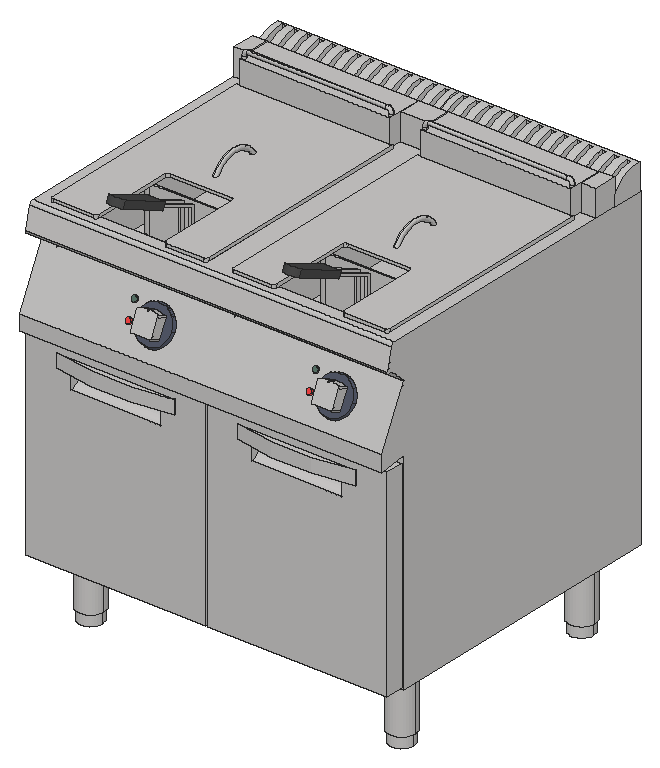
Revit family "QF_ZANUSSI_372085_Z7FREH2FF0", category Specialty Equipment, Revit 2018
Family settings
  Round Connector Dimension = Use Diameter
  Part Type = Normal
  Work Plane-Based = No
  Always vertical = Yes
  Cut with Voids When Loaded = No
  Shared = No
  Room Calculation Point = No
Parameters
  Width = 800 mm  # constant formula
  Weight in Pounds = 179  # constant formula
  Weight = 0.00 kg
  Watts = 17400 W  # constant formula
  Volts = 400 V  # constant formula
  URL Manufacturer = "http://www.zanussiprofessional.com"
  URL Cutsheet = "www.electrolux.com/foodservice"
  URL = "http://www.zanussiprofessional.com"
  Type Mark [instance] = ""
  Steam Supply Size = 0"
  Steam Supply Minimum Pressure = 0.00 psi
  Steam Supply Maximum Pressure = 0.00 psi
  Steam Pounds per Hour = 0
  Status [instance] = ""
  Specification by User [instance] = ""
  Specification by Manufacturer = ""
  Show Logo [instance] = yes
  Show Clearance [instance] = yes
  Serial Number = ""
  Seismic Rating = ""
  SMACNA No = ""
  Revision Code [instance] = ""
  Refrigeration Suction Line Size = 0"
  Refrigeration Liquid Line Size = 0"
  Refrigerant Compressor Remote = yes
  Phase = 3  # constant formula
  Omniclass Number and Title = ""
  Number of Poles [instance] = 1
  NAFEM Spec ID Number = ""
  Model = "Z7FREH2FF0"
  Min Ckt Ampacity = 0 A
  Max Overcurrent Protection = 0 A
  Masterspec = ""
  Manufacturer = "Zanussi"
  Length Actual = 800 mm  # constant formula
  Item Number [instance] = "372085"
  Installed By [instance] = ""
  Identify Quantity as Lot [instance] = yes
  Hot Water Size = 0"
  Height Actual = 850 mm  # constant formula
  Height = 333 mm  # constant formula
  HP = "23.3 HP"
  Gas Size = 0"
  Gas KW = 0
  Gas Input Pressure = 0.0 Btu/h
  Furnished By [instance] = ""
  Foodservice Equipment Identifier [instance] = yes
  FL Amps = if(Phase = 3, Watts / (Volts * 1.73), Watts / Volts)  # 25.1445 A
  Electrical Remarks [instance] = "400 V/3N ph/50/60 Hz"  # constant formula
  Electric Connection Type [instance] = ""
  Elec Conn RI Height [instance] = 0 mm
  Elec Conn Connection Height [instance] = 0 mm
  Direct Waste Size = 0"
  Description = "2X14 LITRE ELECTRIC FRYER 800 MM"
  Depth Actual = 700 mm  # constant formula
  Depth = 715 mm  # constant formula
  Cycle = if([60 Hertz Option], 60 Hz, 50 Hz)  # 60 Hz
  Conn Plug = ""
  Conn Conduit = yes
  Condensate Return Size = 0"
  Compressed Air Volume = 0 GPM
  Compressed Air Size = 0"
  Compressed Air Pressure = 0.00 psi
  Cold Water Size = 0"
  CSI MasterFormat = ""
  CSI Master Format = ""
  Base Height [instance] = 150 mm  # constant formula
  Apparent Power = if(Phase = 3, Volts * FL Amps * 1.73, Volts * FL Amps)  # 17400 VA
  Accessory = yes
  60 Hertz Option = not([50 Hertz Option])  # yes
  50 Hertz Option = no
Reference planes
  plane 1 "BACK": y = 0
  plane 2: z = 0
  plane 3 "LEFT": x = 0
  plane 4 "RIGHT": x = 800
  plane 5 "FRONT": y = -715
  plane 6 "TOP": z = 908.238
  plane 7 "Center Y": x = 400
  plane 8 "Center X": y = -357.5
  plane 9 "BASE": z = 600
  plane 10 "TOP A": z = 850.238
  plane 11: y = -597.884
  plane 12: y = -147.637
  plane 13: z = 942.237
  plane 14: z = 150
Forms (mm)
  Extrusion 1, solid, material "QF_Finishes_Stainless Steel"
    sketch origin (0, 0, 0) x (0, 1, 0) y (0, 0, 1)
      loop
        line (2.618, 850) -> (-676.741, 850)
        arc (-676.741, 850) -> (-682.026, 847.811) -> (-684.215, 842.526) r 7.474
        line (-684.215, 842.526) -> (-697.266, 797.011)
        arc (-697.266, 797.011) -> (-696.778, 794.379) -> (-694.382, 793.184) r 3
        line (-694.382, 793.184) -> (-684.184, 793.184) -> (-652.364, 761.364) -> (-712.382, 640.508) -> (-712.382, 605.508) -> (-656.028, 613.428)
        arc (-656.028, 613.428) -> (-653.483, 612.674) -> (-652.382, 610.259) r 3.2
        line (-652.382, 610.259) -> (-652.382, 150) -> (2.618, 150) -> (2.618, 850)
      loop
        line (-697.382, 600) -> (-697.382, 155) -> (-657.382, 155) -> (-657.382, 600) -> (-697.382, 600)
    from 0 to 800
  Extrusion 2, solid, material "QF_Finishes_Stainless Steel"
    sketch origin (0, 0, 0) x (0, 1, 0) y (0, 0, 1)
      loop
        line (0, 850.237) -> (0, 908.237)
        arc (0, 908.237) -> (-38.715, 900.058) -> (-69.85, 875.637) r 87.358
        line (-69.85, 875.637) -> (-69.85, 850.237) -> (0, 850.237)
    from 0 to 800
  Extrusion 3, void
    sketch origin (0, 0, 850.238) x (-1, 0, 0) y (0, -1, 0)
      loop
        line (-33.338, 147.762) -> (-33.338, 651.981) -> (-373.012, 651.981) -> (-373.012, 147.762) -> (-33.338, 147.762)
      loop
        line (-766.662, 651.981) -> (-766.662, 147.762) -> (-426.988, 147.762) -> (-426.988, 651.981) -> (-766.662, 651.981)
    from 0 to -152.4
  Extrusion 4, void
    sketch origin (0, 0, 850.238) x (-1, 0, 0) y (0, -1, 0)
      loop
        line (-13.453, 6.761) -> (-13.453, 63.911) -> (-22.749, 63.911) -> (-22.749, 6.761) -> (-13.453, 6.761)
    from 25.4 to 63.5
  Extrusion 5, solid, material "QF_Finishes_Clearance", visible <- "Show Clearance", detail levels coarse
    sketch origin (0, 0, 0) x (1, 0, 0) y (0, 1, 0)
      loop
        line (0, -715) -> (0, 0) -> (800, 0) -> (800, -715) -> (950.019, -715) -> (950.019, 150.019) -> (-150.019, 150.019) -> (-150.019, -715) -> (0, -715)
    from 0 to 908.237
  Extrusion 6, solid, material "QF_Finishes_Stainless Steel"
    sketch origin (-77.88, -4572, 850.238) x (-1, 0, 0) y (0, -1, 0)
      loop
        arc (-104.867, -3916.238) -> (-106.727, -3911.748) -> (-111.217, -3909.888) r 6.35
        line (-111.217, -3909.888) -> (-200.117, -3909.888)
        arc (-200.117, -3909.888) -> (-204.607, -3911.748) -> (-206.467, -3916.238) r 6.35
        line (-206.467, -3916.238) -> (-206.467, -4098.488)
        arc (-206.467, -4098.488) -> (-208.327, -4102.979) -> (-212.817, -4104.838) r 6.35
        line (-212.817, -4104.838) -> (-349.292, -4104.838)
        arc (-349.292, -4104.838) -> (-353.782, -4102.979) -> (-355.642, -4098.488) r 6.35
        line (-355.642, -4098.488) -> (-355.642, -3916.238)
        arc (-355.642, -3916.238) -> (-357.502, -3911.748) -> (-361.992, -3909.888) r 6.35
        line (-361.992, -3909.888) -> (-444.542, -3909.888)
        arc (-444.542, -3909.888) -> (-449.032, -3911.748) -> (-450.892, -3916.238) r 6.35
        line (-450.892, -3916.238) -> (-450.892, -4424.238) -> (-104.867, -4424.238) -> (-104.867, -3916.238)
      loop
        line (-850.892, -3916.238) -> (-850.892, -4424.238) -> (-504.867, -4424.238) -> (-504.867, -3916.238)
        arc (-504.867, -3916.238) -> (-506.727, -3911.748) -> (-511.217, -3909.888) r 6.35
        line (-511.217, -3909.888) -> (-593.767, -3909.888)
        arc (-593.767, -3909.888) -> (-598.257, -3911.748) -> (-600.117, -3916.238) r 6.35
        line (-600.117, -3916.238) -> (-600.117, -4098.488)
        arc (-600.117, -4098.488) -> (-601.977, -4102.979) -> (-606.467, -4104.838) r 6.35
        line (-606.467, -4104.838) -> (-742.942, -4104.838)
        arc (-742.942, -4104.838) -> (-747.432, -4102.979) -> (-749.292, -4098.488) r 6.35
        line (-749.292, -4098.488) -> (-749.292, -3916.238)
        arc (-749.292, -3916.238) -> (-751.152, -3911.748) -> (-755.642, -3909.888) r 6.35
        line (-755.642, -3909.888) -> (-844.542, -3909.888)
        arc (-844.542, -3909.888) -> (-849.032, -3911.748) -> (-850.892, -3916.238) r 6.35
    from 0 to 6.35
  Extrusion 7, solid, material "QF_Finishes_Black"
    sketch origin (271.462, -708.83, 942.26) x (0, 0.906308, -0.422618) y (-1, 0, 0)
      loop
        line (10.103, 47.37) -> (128.716, 47.37) -> (128.716, 84.605) -> (10.103, 84.605)
        arc (10.103, 84.605) -> (-0.124, 65.987) -> (10.103, 47.37) r 22.059
    from -15.884 to 0
  Extrusion 8, solid, material "QF_Finishes_Stainless Steel"
    sketch origin (271.463, 41.275, 0) x (0, 1, 0) y (0, 0, 1)
      loop
        line (-547.91, 741.238) -> (-547.91, 842.715) -> (-635.463, 883.542) -> (-638.147, 877.787) -> (-554.26, 838.67) -> (-554.26, 741.238) -> (-547.91, 741.238)
    from -80.476 to -74.619
  Extrusion 9, solid, material "QF_Finishes_Stainless Steel"
    sketch origin (139.588, 41.275, 0) x (0, 1, 0) y (0, 0, -1)
      loop
        line (-554.26, -838.67) -> (-638.147, -877.787) -> (-635.463, -883.542) -> (-547.91, -842.715) -> (-547.91, -741.238) -> (-554.26, -741.238) -> (-554.26, -838.67)
    from -80.476 to -74.619
  Sweep 10, solid, material "QF_Finishes_Stainless Steel"
    path origin (200.025, -0.124, 0) x (0, 1, 0) y (0, 0, 1)
      loop
        arc (-315.761, 850.238) -> (-370.2, 884.016) -> (-424.639, 850.238) r 60.757
    profile origin (200.025, -370.324, 884.016) x (0, 0, -1) y (1, 0, 0)
      loop
        circle (0, 0) r 4.353
  Sweep 11, solid, material "QF_Finishes_Stainless Steel"
    path origin (600.075, -0.124, 0) x (0, 1, 0) y (0, 0, -1)
      loop
        arc (-315.761, -850.238) -> (-370.2, -884.016) -> (-424.639, -850.238) r 60.757
    profile origin (600.075, -370.324, 884.016) x (0, 0, 1) y (-1, 0, 0)
      loop
        circle (0, 0) r 4.353
  Extrusion 12, solid, material "QF_Finishes_Black"
    sketch origin (528.637, -708.83, 942.26) x (0, 0.906308, -0.422618) y (-1, 0, 0)
      loop
        arc (10.103, -47.27) -> (-0.124, -65.887) -> (10.103, -84.505) r 22.059
        line (10.103, -84.505) -> (128.716, -84.505) -> (128.716, -47.27) -> (10.103, -47.27)
    from -15.884 to 0
  Extrusion 13, solid, material "QF_Finishes_Mesh"
    sketch origin (0, 0, 850.238) x (-1, 0, 0) y (0, -1, 0)
      loop
        arc (-116.625, 189.135) -> (-98.665, 196.575) -> (-91.225, 214.535) r 25.4
        line (-91.225, 214.535) -> (-91.225, 473.61)
        arc (-91.225, 473.61) -> (-98.665, 491.571) -> (-116.625, 499.01) r 25.4
        line (-116.625, 499.01) -> (-294.375, 499.01)
        arc (-294.375, 499.01) -> (-312.336, 491.571) -> (-319.775, 473.61) r 25.4
        line (-319.775, 473.61) -> (-319.775, 214.535)
        arc (-319.775, 214.535) -> (-312.336, 196.575) -> (-294.375, 189.135) r 25.4
        line (-294.375, 189.135) -> (-116.625, 189.135)
      loop
        arc (-116.625, 192.31) -> (-100.91, 198.82) -> (-94.4, 214.535) r 22.225
        line (-94.4, 214.535) -> (-94.4, 473.61)
        arc (-94.4, 473.61) -> (-100.91, 489.326) -> (-116.625, 495.835) r 22.225
        line (-116.625, 495.835) -> (-294.375, 495.835)
        arc (-294.375, 495.835) -> (-310.091, 489.326) -> (-316.6, 473.61) r 22.225
        line (-316.6, 473.61) -> (-316.6, 214.535)
        arc (-316.6, 214.535) -> (-310.091, 198.82) -> (-294.375, 192.31) r 22.225
        line (-294.375, 192.31) -> (-116.625, 192.31)
      loop
        line (-683.375, 189.135) -> (-505.625, 189.135)
        arc (-505.625, 189.135) -> (-487.664, 196.575) -> (-480.225, 214.535) r 25.4
        line (-480.225, 214.535) -> (-480.225, 473.61)
        arc (-480.225, 473.61) -> (-487.664, 491.571) -> (-505.625, 499.01) r 25.4
        line (-505.625, 499.01) -> (-683.375, 499.01)
        arc (-683.375, 499.01) -> (-701.335, 491.571) -> (-708.775, 473.61) r 25.4
        line (-708.775, 473.61) -> (-708.775, 214.535)
        arc (-708.775, 214.535) -> (-701.335, 196.575) -> (-683.375, 189.135) r 25.4
      loop
        line (-683.375, 192.31) -> (-505.625, 192.31)
        arc (-505.625, 192.31) -> (-489.909, 198.82) -> (-483.4, 214.535) r 22.225
        line (-483.4, 214.535) -> (-483.4, 473.61)
        arc (-483.4, 473.61) -> (-489.909, 489.326) -> (-505.625, 495.835) r 22.225
        line (-505.625, 495.835) -> (-683.375, 495.835)
        arc (-683.375, 495.835) -> (-699.09, 489.326) -> (-705.6, 473.61) r 22.225
        line (-705.6, 473.61) -> (-705.6, 214.535)
        arc (-705.6, 214.535) -> (-699.09, 198.82) -> (-683.375, 192.31) r 22.225
    from -109 to -5.315
  Extrusion 14, solid, material "QF_Finishes_Stainless Steel"
    sketch origin (528.637, 41.275, 0) x (0, 1, 0) y (0, 0, -1)
      loop
        line (-547.91, -741.238) -> (-554.26, -741.238) -> (-554.26, -838.67) -> (-638.147, -877.787) -> (-635.463, -883.542) -> (-547.91, -842.715) -> (-547.91, -741.238)
    from -80.476 to -74.619
  Extrusion 15, solid, material "QF_Finishes_Stainless Steel"
    sketch origin (660.512, 41.275, 0) x (0, 1, 0) y (0, 0, 1)
      loop
        line (-554.26, 838.67) -> (-554.26, 741.238) -> (-547.91, 741.238) -> (-547.91, 842.715) -> (-635.463, 883.542) -> (-638.147, 877.787) -> (-554.26, 838.67)
    from -80.476 to -74.619
  Extrusion 16, void
    sketch origin (361.95, 0, 850.237) x (-1, 0, 0) y (0, -1, 0)
      loop
        line (-13.403, 6.761) -> (-13.403, 63.911) -> (-22.699, 63.911) -> (-22.699, 6.761) -> (-13.403, 6.761)
    from 25.4 to 63.5
  Extrusion 17, void
    sketch origin (27.842, 0, 850.238) x (-1, 0, 0) y (0, -1, 0)
      loop
        line (-13.453, 6.761) -> (-13.453, 63.911) -> (-22.749, 63.911) -> (-22.749, 6.761) -> (-13.453, 6.761)
    from 25.4 to 63.5
  Extrusion 18, void
    sketch origin (55.685, 0, 850.238) x (-1, 0, 0) y (0, -1, 0)
      loop
        line (-13.453, 6.761) -> (-13.453, 63.911) -> (-22.749, 63.911) -> (-22.749, 6.761) -> (-13.453, 6.761)
    from 25.4 to 63.5
  Extrusion 19, void
    sketch origin (83.527, 0, 850.238) x (-1, 0, 0) y (0, -1, 0)
      loop
        line (-13.453, 6.761) -> (-13.453, 63.911) -> (-22.749, 63.911) -> (-22.749, 6.761) -> (-13.453, 6.761)
    from 25.4 to 63.5
  Extrusion 20, void
    sketch origin (111.369, 0, 850.237) x (-1, 0, 0) y (0, -1, 0)
      loop
        line (-13.453, 6.761) -> (-13.453, 63.911) -> (-22.749, 63.911) -> (-22.749, 6.761) -> (-13.453, 6.761)
    from 25.4 to 63.5
  Extrusion 21, void
    sketch origin (139.212, 0, 850.237) x (-1, 0, 0) y (0, -1, 0)
      loop
        line (-13.453, 6.761) -> (-13.453, 63.911) -> (-22.749, 63.911) -> (-22.749, 6.761) -> (-13.453, 6.761)
    from 25.4 to 63.5
  Extrusion 22, void
    sketch origin (167.054, 0, 850.237) x (-1, 0, 0) y (0, -1, 0)
      loop
        line (-13.453, 6.761) -> (-13.453, 63.911) -> (-22.749, 63.911) -> (-22.749, 6.761) -> (-13.453, 6.761)
    from 25.4 to 63.5
  Extrusion 23, void
    sketch origin (194.896, 0, 850.237) x (-1, 0, 0) y (0, -1, 0)
      loop
        line (-13.403, 6.761) -> (-13.403, 63.911) -> (-22.699, 63.911) -> (-22.699, 6.761) -> (-13.403, 6.761)
    from 25.4 to 63.5
  Extrusion 24, void
    sketch origin (222.738, 0, 850.237) x (-1, 0, 0) y (0, -1, 0)
      loop
        line (-13.403, 6.761) -> (-13.403, 63.911) -> (-22.699, 63.911) -> (-22.699, 6.761) -> (-13.403, 6.761)
    from 25.4 to 63.5
  Extrusion 25, void
    sketch origin (250.581, 0, 850.237) x (-1, 0, 0) y (0, -1, 0)
      loop
        line (-13.403, 6.761) -> (-13.403, 63.911) -> (-22.699, 63.911) -> (-22.699, 6.761) -> (-13.403, 6.761)
    from 25.4 to 63.5
  Extrusion 26, void
    sketch origin (278.423, 0, 850.237) x (-1, 0, 0) y (0, -1, 0)
      loop
        line (-13.403, 6.761) -> (-13.403, 63.911) -> (-22.699, 63.911) -> (-22.699, 6.761) -> (-13.403, 6.761)
    from 25.4 to 63.5
  Extrusion 27, void
    sketch origin (306.265, 0, 850.237) x (-1, 0, 0) y (0, -1, 0)
      loop
        line (-13.403, 6.761) -> (-13.403, 63.911) -> (-22.699, 63.911) -> (-22.699, 6.761) -> (-13.403, 6.761)
    from 25.4 to 63.5
  Extrusion 28, void
    sketch origin (334.108, 0, 850.237) x (-1, 0, 0) y (0, -1, 0)
      loop
        line (-13.403, 6.761) -> (-13.403, 63.911) -> (-22.699, 63.911) -> (-22.699, 6.761) -> (-13.403, 6.761)
    from 25.4 to 63.5
  Extrusion 29, void
    sketch origin (800.1, 0, 850.237) x (1, 0, 0) y (0, 1, 0)
      loop
        line (-13.553, -6.761) -> (-22.849, -6.761) -> (-22.849, -63.911) -> (-13.553, -63.911) -> (-13.553, -6.761)
    from 25.4 to 63.5
  Extrusion 30, void
    sketch origin (438.15, 0, 850.237) x (1, 0, 0) y (0, 1, 0)
      loop
        line (-13.503, -6.761) -> (-22.799, -6.761) -> (-22.799, -63.911) -> (-13.503, -63.911) -> (-13.503, -6.761)
    from 25.4 to 63.5
  Extrusion 31, void
    sketch origin (772.258, 0, 850.237) x (1, 0, 0) y (0, 1, 0)
      loop
        line (-13.553, -6.761) -> (-22.849, -6.761) -> (-22.849, -63.911) -> (-13.553, -63.911) -> (-13.553, -6.761)
    from 25.4 to 63.5
  Extrusion 32, void
    sketch origin (744.415, 0, 850.237) x (1, 0, 0) y (0, 1, 0)
      loop
        line (-13.553, -6.761) -> (-22.849, -6.761) -> (-22.849, -63.911) -> (-13.553, -63.911) -> (-13.553, -6.761)
    from 25.4 to 63.5
  Extrusion 33, void
    sketch origin (716.573, 0, 850.237) x (1, 0, 0) y (0, 1, 0)
      loop
        line (-13.553, -6.761) -> (-22.849, -6.761) -> (-22.849, -63.911) -> (-13.553, -63.911) -> (-13.553, -6.761)
    from 25.4 to 63.5
  Extrusion 34, void
    sketch origin (688.731, 0, 850.237) x (1, 0, 0) y (0, 1, 0)
      loop
        line (-13.553, -6.761) -> (-22.849, -6.761) -> (-22.849, -63.911) -> (-13.553, -63.911) -> (-13.553, -6.761)
    from 25.4 to 63.5
  Extrusion 35, void
    sketch origin (660.888, 0, 850.237) x (1, 0, 0) y (0, 1, 0)
      loop
        line (-13.553, -6.761) -> (-22.849, -6.761) -> (-22.849, -63.911) -> (-13.553, -63.911) -> (-13.553, -6.761)
    from 25.4 to 63.5
  Extrusion 36, void
    sketch origin (633.046, 0, 850.237) x (1, 0, 0) y (0, 1, 0)
      loop
        line (-13.553, -6.761) -> (-22.849, -6.761) -> (-22.849, -63.911) -> (-13.553, -63.911) -> (-13.553, -6.761)
    from 25.4 to 63.5
  Extrusion 37, void
    sketch origin (605.204, 0, 850.237) x (1, 0, 0) y (0, 1, 0)
      loop
        line (-13.503, -6.761) -> (-22.799, -6.761) -> (-22.799, -63.911) -> (-13.503, -63.911) -> (-13.503, -6.761)
    from 25.4 to 63.5
  Extrusion 38, void
    sketch origin (577.362, 0, 850.237) x (1, 0, 0) y (0, 1, 0)
      loop
        line (-13.503, -6.761) -> (-22.799, -6.761) -> (-22.799, -63.911) -> (-13.503, -63.911) -> (-13.503, -6.761)
    from 25.4 to 63.5
  Extrusion 39, void
    sketch origin (549.519, 0, 850.237) x (1, 0, 0) y (0, 1, 0)
      loop
        line (-13.503, -6.761) -> (-22.799, -6.761) -> (-22.799, -63.911) -> (-13.503, -63.911) -> (-13.503, -6.761)
    from 25.4 to 63.5
  Extrusion 40, void
    sketch origin (521.677, 0, 850.237) x (1, 0, 0) y (0, 1, 0)
      loop
        line (-13.503, -6.761) -> (-22.799, -6.761) -> (-22.799, -63.911) -> (-13.503, -63.911) -> (-13.503, -6.761)
    from 25.4 to 63.5
  Extrusion 41, void
    sketch origin (493.835, 0, 850.237) x (1, 0, 0) y (0, 1, 0)
      loop
        line (-13.503, -6.761) -> (-22.799, -6.761) -> (-22.799, -63.911) -> (-13.503, -63.911) -> (-13.503, -6.761)
    from 25.4 to 63.5
  Extrusion 42, void
    sketch origin (465.992, 0, 850.237) x (1, 0, 0) y (0, 1, 0)
      loop
        line (-13.503, -6.761) -> (-22.799, -6.761) -> (-22.799, -63.911) -> (-13.503, -63.911) -> (-13.503, -6.761)
    from 25.4 to 63.5
  Extrusion 43, void
    sketch origin (418.151, 0, 850.237) x (1, 0, 0) y (0, 1, 0)
      loop
        line (-16.563, 0) -> (-19.738, 0) -> (-19.738, -69.85) -> (-16.563, -69.85) -> (-16.563, 0)
    from 25.4 to 63.5
  Revolve 44, solid, material "QF_Finishes_Stainless Steel"
    sketch origin (0, -587.387, 608.09) x (0, 0, 1) y (-1, 0, 0)
      loop
        line (-608.09, -56) -> (-458.09, -56) -> (-458.09, -26) -> (-583.09, -26) -> (-583.09, -29.75) -> (-608.09, -29.75) -> (-608.09, -56)
      axis (-608.09, -56) -> (-458.09, -56)
    angle from 0 to 360
  Revolve 45, solid, material "QF_Finishes_Stainless Steel"
    sketch origin (0, -90, 608.09) x (0, 0, 1) y (-1, 0, 0)
      loop
        line (-608.09, -56) -> (-458.09, -56) -> (-458.09, -26) -> (-583.09, -26) -> (-583.09, -29.75) -> (-608.09, -29.75) -> (-608.09, -56)
      axis (-608.09, -56) -> (-458.09, -56)
    angle from 0 to 360
  Revolve 46, solid, material "QF_Finishes_Stainless Steel"
    sketch origin (800.1, -587.387, 608.09) x (0, 0, 1) y (-1, 0, 0)
      loop
        line (-608.09, 56.1) -> (-608.09, 29.85) -> (-583.09, 29.85) -> (-583.09, 26.1) -> (-458.09, 26.1) -> (-458.09, 56.1) -> (-608.09, 56.1)
      axis (-608.09, 56.1) -> (-458.09, 56.1)
    angle from 0 to 360
  Revolve 47, solid, material "QF_Finishes_Stainless Steel"
    sketch origin (800.1, -90, 608.09) x (0, 0, 1) y (-1, 0, 0)
      loop
        line (-608.09, 56.1) -> (-608.09, 29.85) -> (-583.09, 29.85) -> (-583.09, 26.1) -> (-458.09, 26.1) -> (-458.09, 56.1) -> (-608.09, 56.1)
      axis (-608.09, 56.1) -> (-458.09, 56.1)
    angle from 0 to 360
  Extrusion 48, solid, material "QF_Finishes_Stainless Steel"
    sketch origin (-77.88, -4572, 600) x (-1, 0, 0) y (0, -1, 0)
      loop
        circle (-821.88, -4067) r 12.7
    from 0 to -12.7
  Sweep 49, solid, material "QF_Finishes_Stainless Steel"
    path origin (0, 1.513, 575.6) x (1, 0, 0) y (0, 0, 1)
      loop
        line (39.688, 333.375) -> (39.688, 338.225)
        arc (39.688, 338.225) -> (41.547, 342.715) -> (46.038, 344.575) r 6.35
        line (46.038, 344.575) -> (353.919, 344.575)
        arc (353.919, 344.575) -> (358.41, 342.715) -> (360.269, 338.225) r 6.35
        line (360.269, 338.225) -> (360.269, 333.375)
    profile origin (39.688, 1.513, 911.4) x (-1, 0, 0) y (0, -1, 0)
      loop
        circle (2.09, 140.754) r 3.827
  Extrusion 50, solid, material "QF_Finishes_Stainless Steel"
    sketch origin (-77.88, -4572, 850.238) x (-1, 0, 0) y (0, -1, 0)
      loop
        line (-77.88, -4502.15) -> (-77.88, -4451.35) -> (-109.63, -4451.35) -> (-109.63, -4502.15) -> (-77.88, -4502.15)
      loop
        line (-509.63, -4502.15) -> (-446.13, -4502.15) -> (-446.13, -4451.35) -> (-509.63, -4451.35) -> (-509.63, -4502.15)
      loop
        line (-877.88, -4502.15) -> (-846.13, -4502.15) -> (-846.13, -4451.35) -> (-877.88, -4451.35) -> (-877.88, -4502.15)
    from 0 to 58.738
  Extrusion 51, solid, material "QF_Finishes_Stainless Steel"
    sketch origin (-77.88, -4572, 850.238) x (-1, 0, 0) y (0, -1, 0)
      loop
        line (-111.217, -4424.238) -> (-444.542, -4424.238) -> (-444.542, -4502.15) -> (-111.217, -4502.15) -> (-111.217, -4424.238)
      loop
        line (-844.542, -4424.238) -> (-844.542, -4502.15) -> (-511.217, -4502.15) -> (-511.217, -4424.238) -> (-844.542, -4424.238)
    from 0 to 58.738
  Sweep 52, solid, material "QF_Finishes_Stainless Steel"
    path origin (800.1, 1.513, 575.6) x (-1, 0, 0) y (0, 0, -1)
      loop
        line (39.788, -333.375) -> (39.788, -338.225)
        arc (39.788, -338.225) -> (41.647, -342.715) -> (46.138, -344.575) r 6.35
        line (46.138, -344.575) -> (354.019, -344.575)
        arc (354.019, -344.575) -> (358.51, -342.715) -> (360.369, -338.225) r 6.35
        line (360.369, -338.225) -> (360.369, -333.375)
    profile origin (760.312, 1.513, 911.4) x (-1, 0, 0) y (0, -1, 0)
      loop
        circle (-2.09, 140.754) r 3.827
  Blend 53, solid, material "QF_Finishes_Navy Blue"
    base sketch origin (675, -682.373, 700.936) x (1, 0, 0) y (0, 0.444781, 0.895639)
      loop
        circle (0, 0) r 42.5
    top sketch origin (675, -682.373, 700.936) x (1, 0, 0) y (0, 0.444781, 0.895639)
      loop
        circle (0, 0) r 40.5
    from 0 to 5
  Extrusion 54, solid, material "QF_Finishes_Stainless Steel"
    sketch origin (675, -682.373, 700.936) x (1, 0, 0) y (0, 0.444781, 0.895639)
      loop
        arc (-21.147, 22.789) -> (-22.494, 21.685) -> (-23, 20.019) r 2.997
        line (-23, 20.019) -> (-23, -20.019)
        arc (-23, -20.019) -> (-22.122, -22.138) -> (-20.003, -23.016) r 2.997
        line (-20.003, -23.016) -> (20.003, -23.016)
        arc (20.003, -23.016) -> (22.122, -22.138) -> (23, -20.019) r 2.997
        line (23, -20.019) -> (23, 20.019)
        arc (23, 20.019) -> (22.494, 21.685) -> (21.147, 22.789) r 2.997
        arc (21.147, 22.789) -> (0, 26.984) -> (-21.147, 22.789) r 55.4
    from 10 to 34
  Extrusion 55, solid, material "QF_Finishes_Stainless Steel"
    sketch origin (675, -682.373, 700.936) x (1, 0, 0) y (0, 0.444781, 0.895639)
      loop
        line (17.5, 17.5) -> (-17.5, 17.5) -> (-17.5, -17.5) -> (17.5, -17.5) -> (17.5, 17.5)
    from 5 to 10
  Extrusion 56, solid, material "QF_Plastic-Black-Matte"
    sketch origin (595, -682.373, 700.936) x (0, 0.444781, 0.895639) y (0, 0.895639, -0.444781)
      loop
        line (26.984, -34) -> (23.984, -34) -> (23.984, -35) -> (26.984, -35)
        arc (26.984, -35) -> (27.691, -34.707) -> (27.984, -34) r 1
        line (27.984, -34) -> (27.984, -19) -> (26.984, -19) -> (26.984, -34)
    from -81 to -79
  Extrusion 57, solid, material "QF_Finishes_Red"
    sketch origin (675, -686.821, 691.98) x (1, 0, 0) y (0, 0.444781, 0.895639)
      loop
        circle (-55.001, 0) r 6
    from 0 to 1.6
  Extrusion 58, solid, material "QF_Finishes_DarkGreen"
    sketch origin (675, -669.03, 727.805) x (1, 0, 0) y (0, 0.444781, 0.895639)
      loop
        circle (-55.001, 0) r 6
    from 0 to 1.6
  Blend 59, solid, material "QF_Finishes_Navy Blue"
    base sketch origin (275, -682.373, 700.936) x (1, 0, 0) y (0, 0.444781, 0.895639)
      loop
        circle (0, 0) r 42.5
    top sketch origin (275, -682.373, 700.936) x (1, 0, 0) y (0, 0.444781, 0.895639)
      loop
        circle (0, 0) r 40.5
    from 0 to 5
  Extrusion 60, solid, material "QF_Finishes_Stainless Steel"
    sketch origin (275, -682.373, 700.936) x (1, 0, 0) y (0, 0.444781, 0.895639)
      loop
        arc (-21.147, 22.789) -> (-22.494, 21.685) -> (-23, 20.019) r 2.997
        line (-23, 20.019) -> (-23, -20.019)
        arc (-23, -20.019) -> (-22.122, -22.138) -> (-20.003, -23.016) r 2.997
        line (-20.003, -23.016) -> (20.003, -23.016)
        arc (20.003, -23.016) -> (22.122, -22.138) -> (23, -20.019) r 2.997
        line (23, -20.019) -> (23, 20.019)
        arc (23, 20.019) -> (22.494, 21.685) -> (21.147, 22.789) r 2.997
        arc (21.147, 22.789) -> (0, 26.984) -> (-21.147, 22.789) r 55.4
    from 10 to 34
  Extrusion 61, solid, material "QF_Finishes_Stainless Steel"
    sketch origin (275, -682.373, 700.936) x (1, 0, 0) y (0, 0.444781, 0.895639)
      loop
        line (17.5, 17.5) -> (-17.5, 17.5) -> (-17.5, -17.5) -> (17.5, -17.5) -> (17.5, 17.5)
    from 5 to 10
  Extrusion 62, solid, material "QF_Plastic-Black-Matte"
    sketch origin (195, -682.373, 700.936) x (0, 0.444781, 0.895639) y (0, 0.895639, -0.444781)
      loop
        line (26.984, -34) -> (23.984, -34) -> (23.984, -35) -> (26.984, -35)
        arc (26.984, -35) -> (27.691, -34.707) -> (27.984, -34) r 1
        line (27.984, -34) -> (27.984, -19) -> (26.984, -19) -> (26.984, -34)
    from -81 to -79
  Extrusion 63, solid, material "QF_Finishes_Red"
    sketch origin (275, -686.821, 691.98) x (1, 0, 0) y (0, 0.444781, 0.895639)
      loop
        circle (-55.001, 0) r 6
    from 0 to 1.6
  Extrusion 64, solid, material "QF_Finishes_DarkGreen"
    sketch origin (275, -669.03, 727.805) x (1, 0, 0) y (0, 0.444781, 0.895639)
      loop
        circle (-55.001, 0) r 6
    from 0 to 1.6
  Extrusion 65, void
    sketch origin (200, -25.245, 0) x (0, 1, 0) y (0, 0, 1)
      loop
        line (-672.137, 567) -> (-672.137, 517)
        arc (-672.137, 517) -> (-656.47, 524.721) -> (-650.137, 541) r 24.091
        line (-650.137, 541) -> (-650.137, 567) -> (-672.137, 567)
    from -100 to 100
  Extrusion 66, solid, material "QF_Finishes_Stainless Steel"
    sketch origin (-77.88, -4569.382, 150) x (-1, 0, 0) y (0, -1, 0)
      loop
        arc (-147.606, -3871.085) -> (-277.88, -3857) -> (-408.153, -3871.085) r 609.497
        line (-408.153, -3871.085) -> (-408.153, -3872) -> (-147.606, -3872) -> (-147.606, -3871.085)
    from 400 to 430
  Extrusion 67, void
    sketch origin (600, -25.245, 0) x (0, 1, 0) y (0, 0, 1)
      loop
        line (-672.137, 567) -> (-672.137, 517)
        arc (-672.137, 517) -> (-656.47, 524.721) -> (-650.137, 541) r 24.091
        line (-650.137, 541) -> (-650.137, 567) -> (-672.137, 567)
    from -100 to 100
  Extrusion 68, solid, material "QF_Finishes_Stainless Steel"
    sketch origin (322.12, -4569.382, 150) x (-1, 0, 0) y (0, -1, 0)
      loop
        arc (-147.606, -3871.085) -> (-277.88, -3857) -> (-408.153, -3871.085) r 609.497
        line (-408.153, -3871.085) -> (-408.153, -3872) -> (-147.606, -3872) -> (-147.606, -3871.085)
    from 400 to 430
  Extrusion 69, solid, material "QF_Finishes_Door Clearance", visible <- "Show Clearance", detail levels coarse
    sketch origin (0, 2.618, 850) x (-1, 0, 0) y (0, -1, 0)
      loop
        arc (0, 1073) -> (-280.596, 964.46) -> (-397.87, 687.4) r 385.701
        line (-397.87, 687.4) -> (0, 687.4) -> (0, 1073)
      loop
        line (-800, 1073) -> (-800, 687.4) -> (-402.13, 687.4)
        arc (-402.13, 687.4) -> (-519.404, 964.46) -> (-800, 1073) r 385.701
    from -695 to -250
  Extrusion 70, void
    sketch origin (0, -660.4, 150) x (0, 0, 1) y (-1, 0, 0)
      loop
        line (450, -397.87) -> (5, -397.87) -> (5, -402.13) -> (450, -402.13) -> (450, -397.87)
    from -3.018 to 36.982
Cuts and joins
  Extrusion 3, Extrusion 4, Extrusion 65, Extrusion 67, Extrusion 70 cuts Extrusion 1
  Extrusion 4, Extrusion 16, Extrusion 17, Extrusion 18, Extrusion 19, Extrusion 20, Extrusion 21, Extrusion 22, Extrusion 23, Extrusion 24, Extrusion 25, Extrusion 26, Extrusion 27, Extrusion 28, Extrusion 29, Extrusion 30, Extrusion 31, Extrusion 32, Extrusion 33, Extrusion 34, Extrusion 35, Extrusion 36, Extrusion 37, Extrusion 38, Extrusion 39, Extrusion 40, Extrusion 41, Extrusion 42, Extrusion 43 cuts Extrusion 2
  joined: Extrusion 6, Sweep 10, Sweep 11
  Extrusion 16, Extrusion 17, Extrusion 18, Extrusion 19, Extrusion 20, Extrusion 21, Extrusion 22, Extrusion 23, Extrusion 24, Extrusion 25, Extrusion 26, Extrusion 27, Extrusion 28, Extrusion 29, Extrusion 30, Extrusion 31, Extrusion 32, Extrusion 33, Extrusion 34, Extrusion 35, Extrusion 36, Extrusion 37, Extrusion 38, Extrusion 39, Extrusion 40, Extrusion 41, Extrusion 42, Extrusion 43 cuts Extrusion 5
  Extrusion 70 cuts Extrusion 69
Lines and regions (mm)
  Split face 1
    outline origin (676.664, -682.178, 712.57) x (1, 0, 0) y (0, 0.444781, 0.895639)
      loop
        circle (-34, 0) r 1.5
  Split face 2
    outline origin (673.297, -684.963, 706.962) x (1, 0, 0) y (0, 0.444781, 0.895639)
      loop
        circle (-30.633, -14.752) r 1.5
  Split face 3
    outline origin (676.214, -687.263, 702.332) x (1, 0, 0) y (0, 0.444781, 0.895639)
      loop
        circle (-21.199, -26.582) r 1.5
  Split face 4
    outline origin (682.566, -687.231, 702.397) x (1, 0, 0) y (0, 0.444781, 0.895639)
      loop
        circle (-7.566, -33.148) r 1.5
  Split face 5
    outline origin (687.419, -684.343, 708.212) x (1, 0, 0) y (0, 0.444781, 0.895639)
      loop
        circle (7.566, -33.148) r 1.5
  Split face 6
    outline origin (686.137, -679.701, 717.558) x (1, 0, 0) y (0, 0.444781, 0.895639)
      loop
        circle (21.199, -26.582) r 1.5
  Split face 7
    outline origin (676.703, -675.617, 725.783) x (1, 0, 0) y (0, 0.444781, 0.895639)
      loop
        circle (30.633, -14.752) r 1.5
  Split face 8
    outline origin (660.985, -674.617, 727.796) x (1, 0, 0) y (0, 0.444781, 0.895639)
      loop
        circle (34, 0) r 1.5
  Split face 9
    outline origin (675, -686.852, 703.16) x (1, 0, 0) y (0, 0.444781, 0.895639)
      loop
        circle (0, 34) r 1.5
  Split face 10
    outline origin (276.664, -682.178, 712.57) x (1, 0, 0) y (0, 0.444781, 0.895639)
      loop
        circle (-34, 0) r 1.5
  Split face 11
    outline origin (273.297, -684.963, 706.962) x (1, 0, 0) y (0, 0.444781, 0.895639)
      loop
        circle (-30.633, -14.752) r 1.5
  Split face 12
    outline origin (276.214, -687.263, 702.332) x (1, 0, 0) y (0, 0.444781, 0.895639)
      loop
        circle (-21.199, -26.582) r 1.5
  Split face 13
    outline origin (282.566, -687.231, 702.397) x (1, 0, 0) y (0, 0.444781, 0.895639)
      loop
        circle (-7.566, -33.148) r 1.5
  Split face 14
    outline origin (287.419, -684.343, 708.212) x (1, 0, 0) y (0, 0.444781, 0.895639)
      loop
        circle (7.566, -33.148) r 1.5
  Split face 15
    outline origin (286.137, -679.701, 717.558) x (1, 0, 0) y (0, 0.444781, 0.895639)
      loop
        circle (21.199, -26.582) r 1.5
  Split face 16
    outline origin (276.703, -675.617, 725.783) x (1, 0, 0) y (0, 0.444781, 0.895639)
      loop
        circle (30.633, -14.752) r 1.5
  Split face 17
    outline origin (260.985, -674.617, 727.796) x (1, 0, 0) y (0, 0.444781, 0.895639)
      loop
        circle (34, 0) r 1.5
  Split face 18
    outline origin (275, -686.852, 703.16) x (1, 0, 0) y (0, 0.444781, 0.895639)
      loop
        circle (0, 34) r 1.5
  symbolic lines, style "QF-Clearances", visible <- "Show Clearance", detail levels coarse
    curve 1: line (-150.019, 150.019, 850.238) -> (-150.019, -716.377, 850.238)
    curve 2: line (950.019, 150.019, 850.237) -> (-150.019, 150.019, 850.238)
    curve 3: line (950.019, -716.377, 850.237) -> (950.019, 150.019, 850.237)
  symbolic lines
    curve 4: line (0, 0, 850.238) -> (800, 0, 850.237)
    curve 5: line (0, -715, 850.238) -> (0, 0, 850.238)
    curve 6: line (800, 0, 850.237) -> (800, -715, 850.237)
    curve 7: line (22.749, -6.761, 850.238) -> (22.749, -63.911, 850.238)
    curve 8: line (13.453, -63.911, 850.238) -> (13.453, -6.761, 850.238)
    curve 9: line (13.453, -6.761, 850.238) -> (22.749, -6.761, 850.238)
    curve 10: line (26.988, -147.762, 850.238) -> (26.988, -655.762, 850.238)
    curve 11: arc (26.988, -655.762, 850.238) -> (28.847, -660.252, 850.238) -> (33.338, -662.112, 850.238) r 6.35
    curve 12: line (33.338, -662.112, 850.238) -> (122.188, -662.112, 850.237)
    curve 13: arc (122.188, -662.112, 850.237) -> (126.678, -660.252, 850.237) -> (128.538, -655.762, 850.237) r 6.35
    curve 14: line (128.538, -655.762, 850.237) -> (128.538, -473.512, 850.237)
    curve 15: arc (128.538, -473.512, 850.237) -> (130.397, -469.021, 850.237) -> (134.888, -467.162, 850.237) r 6.35
    curve 16: line (134.888, -467.162, 850.237) -> (271.412, -467.162, 850.237)
    curve 17: arc (271.412, -467.162, 850.237) -> (275.903, -469.021, 850.237) -> (277.762, -473.512, 850.237) r 6.35
    curve 18: line (277.762, -473.512, 850.237) -> (277.762, -655.762, 850.237)
    curve 19: arc (277.762, -655.762, 850.237) -> (279.622, -660.252, 850.237) -> (284.112, -662.112, 850.237) r 6.35
    curve 20: line (284.112, -662.112, 850.237) -> (366.662, -662.112, 850.237)
    curve 21: arc (366.662, -662.112, 850.237) -> (371.153, -660.252, 850.237) -> (373.012, -655.762, 850.237) r 6.35
    curve 22: line (373.012, -655.762, 850.237) -> (373.012, -147.762, 850.237)
    curve 23: line (373.012, -147.762, 850.237) -> (26.988, -147.762, 850.238)
    curve 24: line (0, -69.85, 850.238) -> (398.413, -69.85, 850.237)
    curve 25: line (224.093, -706.386, 850.237) -> (224.093, -592.174, 850.237)
    curve 26: line (224.093, -592.174, 850.237) -> (186.858, -592.174, 850.237)
    curve 27: line (186.858, -592.174, 850.237) -> (186.858, -706.386, 850.237)
    curve 28: spline (224.093, -706.386, 850.237) -> (221.86, -709.048, 850.237) -> (219.17, -711.336, 850.237) -> (216.096, -713.185, 850.237) -> (212.725, -714.544, 850.237) -> (209.152, -715.375, 850.237) -> (205.475, -715.655, 850.237) -> (201.799, -715.375, 850.237) -> (198.225, -714.544, 850.237) -> (194.855, -713.185, 850.237) -> (191.781, -711.336, 850.237) -> (189.09, -709.048, 850.237) -> (186.858, -706.386, 850.237)
    curve 29: line (128.538, -655.762, 850.237) -> (186.858, -655.762, 850.237)
    curve 30: line (224.093, -655.762, 850.237) -> (277.762, -655.762, 850.237)
    curve 31: line (196.794, -499.01, 850.237) -> (196.794, -592.174, 850.237)
    curve 32: line (190.937, -592.174, 850.237) -> (190.937, -499.01, 850.237)
    curve 33: line (220.014, -499.01, 850.237) -> (220.014, -592.174, 850.237)
    curve 34: line (214.157, -592.174, 850.237) -> (214.157, -499.01, 850.237)
    curve 35: spline (186.858, -699.673, 850.237) -> (189.09, -702.336, 850.237) -> (191.781, -704.623, 850.237) -> (194.855, -706.473, 850.237) -> (198.225, -707.832, 850.237) -> (201.799, -708.663, 850.237) -> (205.475, -708.942, 850.237) -> (209.152, -708.663, 850.237) -> (212.725, -707.832, 850.237) -> (216.096, -706.473, 850.237) -> (219.17, -704.623, 850.237) -> (221.86, -702.336, 850.237) -> (224.093, -699.673, 850.237)
    curve 36: line (195.52, -420.932, 850.237) -> (195.52, -319.469, 850.237)
    curve 37: line (204.418, -319.469, 850.237) -> (204.418, -420.932, 850.237)
    curve 38: arc (195.52, -420.932, 850.237) -> (199.969, -425.382, 850.237) -> (204.418, -420.932, 850.237) r 4.449
    curve 39: arc (195.52, -319.469, 850.237) -> (199.969, -315.02, 850.237) -> (204.418, -319.469, 850.237) r 4.449
    curve 40: line (128.538, -495.835, 850.237) -> (277.762, -495.835, 850.237)
    curve 41: line (128.538, -499.01, 850.237) -> (277.762, -499.01, 850.237)
    curve 42: line (773.013, -147.762, 850.237) -> (773.013, -655.762, 850.237)
    curve 43: arc (773.013, -655.762, 850.237) -> (771.153, -660.252, 850.237) -> (766.663, -662.112, 850.237) r 6.35
    curve 44: line (766.663, -662.112, 850.237) -> (677.763, -662.112, 850.237)
    curve 45: arc (677.763, -662.112, 850.237) -> (673.272, -660.252, 850.237) -> (671.413, -655.762, 850.237) r 6.35
    curve 46: line (671.413, -655.762, 850.237) -> (671.413, -473.512, 850.237)
    curve 47: arc (671.413, -473.512, 850.237) -> (669.553, -469.021, 850.237) -> (665.063, -467.162, 850.237) r 6.35
    curve 48: line (665.063, -467.162, 850.237) -> (528.538, -467.162, 850.237)
    curve 49: arc (528.538, -467.162, 850.237) -> (524.047, -469.021, 850.237) -> (522.188, -473.512, 850.237) r 6.35
    curve 50: line (522.188, -473.512, 850.237) -> (522.188, -655.762, 850.237)
    curve 51: arc (522.188, -655.762, 850.237) -> (520.328, -660.252, 850.237) -> (515.838, -662.112, 850.237) r 6.35
    curve 52: line (515.838, -662.112, 850.237) -> (433.338, -662.112, 850.237)
    curve 53: arc (433.338, -662.112, 850.237) -> (428.847, -660.252, 850.237) -> (426.988, -655.762, 850.237) r 6.35
    curve 54: line (426.988, -655.762, 850.237) -> (426.988, -147.762, 850.237)
    curve 55: line (426.988, -147.762, 850.237) -> (773.013, -147.762, 850.237)
    curve 56: line (575.857, -706.386, 850.237) -> (575.857, -592.174, 850.237)
    curve 57: line (575.857, -592.174, 850.237) -> (613.092, -592.174, 850.237)
    curve 58: line (613.092, -592.174, 850.237) -> (613.092, -706.386, 850.237)
    curve 59: spline (575.857, -706.386, 850.237) -> (578.09, -709.048, 850.237) -> (580.78, -711.336, 850.237) -> (583.854, -713.185, 850.237) -> (587.225, -714.544, 850.237) -> (590.798, -715.375, 850.237) -> (594.475, -715.655, 850.237) -> (598.151, -715.375, 850.237) -> (601.725, -714.544, 850.237) -> (605.095, -713.185, 850.237) -> (608.169, -711.336, 850.237) -> (610.86, -709.048, 850.237) -> (613.092, -706.386, 850.237)
    curve 60: line (671.413, -655.762, 850.237) -> (613.092, -655.762, 850.237)
    curve 61: line (575.857, -655.762, 850.237) -> (522.188, -655.762, 850.237)
    curve 62: line (603.156, -499.01, 850.237) -> (603.156, -592.174, 850.237)
    curve 63: line (609.013, -592.174, 850.237) -> (609.013, -499.01, 850.237)
    curve 64: line (579.936, -499.01, 850.237) -> (579.936, -592.174, 850.237)
    curve 65: line (585.793, -592.174, 850.237) -> (585.793, -499.01, 850.237)
    curve 66: spline (613.092, -699.673, 850.237) -> (610.86, -702.336, 850.237) -> (608.169, -704.623, 850.237) -> (605.095, -706.473, 850.237) -> (601.725, -707.832, 850.237) -> (598.151, -708.663, 850.237) -> (594.475, -708.942, 850.237) -> (590.798, -708.663, 850.237) -> (587.225, -707.832, 850.237) -> (583.854, -706.473, 850.237) -> (580.78, -704.623, 850.237) -> (578.09, -702.336, 850.237) -> (575.857, -699.673, 850.237)
    curve 67: line (604.43, -420.932, 850.237) -> (604.43, -319.469, 850.237)
    curve 68: line (595.532, -319.469, 850.237) -> (595.532, -420.932, 850.237)
    curve 69: arc (604.43, -420.932, 850.237) -> (599.981, -425.382, 850.237) -> (595.532, -420.932, 850.237) r 4.449
    curve 70: arc (604.43, -319.469, 850.237) -> (599.981, -315.02, 850.237) -> (595.532, -319.469, 850.237) r 4.449
    curve 71: line (671.413, -495.835, 850.237) -> (522.188, -495.835, 850.237)
    curve 72: line (671.413, -499.01, 850.237) -> (522.188, -499.01, 850.237)
    curve 73: line (37.598, -135.414, 850.238) -> (362.359, -135.414, 850.237)
    curve 74: line (37.598, -143.069, 850.238) -> (37.598, -135.414, 850.238)
    curve 75: line (362.359, -143.069, 850.237) -> (37.598, -143.069, 850.238)
    curve 76: line (362.359, -135.414, 850.237) -> (362.359, -143.069, 850.237)
    curve 77: line (437.641, -135.414, 850.237) -> (762.402, -135.414, 850.237)
    curve 78: line (437.641, -143.069, 850.237) -> (437.641, -135.414, 850.237)
    curve 79: line (762.402, -143.069, 850.237) -> (437.641, -143.069, 850.237)
    curve 80: line (762.402, -135.414, 850.237) -> (762.402, -143.069, 850.237)
    curve 81: line (384.649, -6.761, 850.237) -> (384.649, -63.911, 850.237)
    curve 82: line (375.353, -63.911, 850.237) -> (375.353, -6.761, 850.237)
    curve 83: line (375.353, -6.761, 850.237) -> (384.649, -6.761, 850.237)
    curve 84: line (50.541, -6.761, 850.238) -> (50.541, -63.911, 850.238)
    curve 85: line (41.245, -63.911, 850.238) -> (41.245, -6.761, 850.238)
    curve 86: line (41.245, -6.761, 850.238) -> (50.541, -6.761, 850.238)
    curve 87: line (78.383, -6.761, 850.238) -> (78.383, -63.911, 850.238)
    curve 88: line (69.087, -63.911, 850.238) -> (69.087, -6.761, 850.238)
    curve 89: line (69.087, -6.761, 850.238) -> (78.383, -6.761, 850.238)
    curve 90: line (106.225, -6.761, 850.237) -> (106.225, -63.911, 850.237)
    curve 91: line (96.93, -63.911, 850.238) -> (96.93, -6.761, 850.238)
    curve 92: line (96.93, -6.761, 850.238) -> (106.225, -6.761, 850.237)
    curve 93: line (134.068, -6.761, 850.237) -> (134.068, -63.911, 850.237)
    curve 94: line (124.772, -63.911, 850.237) -> (124.772, -6.761, 850.237)
    curve 95: line (124.772, -6.761, 850.237) -> (134.068, -6.761, 850.237)
    curve 96: line (161.91, -6.761, 850.237) -> (161.91, -63.911, 850.237)
    curve 97: line (152.614, -63.911, 850.237) -> (152.614, -6.761, 850.237)
    curve 98: line (152.614, -6.761, 850.237) -> (161.91, -6.761, 850.237)
    curve 99: line (189.752, -6.761, 850.237) -> (189.752, -63.911, 850.237)
    curve 100: line (180.457, -63.911, 850.237) -> (180.457, -6.761, 850.237)
    curve 101: line (180.457, -6.761, 850.237) -> (189.752, -6.761, 850.237)
    curve 102: line (217.595, -6.761, 850.237) -> (217.595, -63.911, 850.237)
    curve 103: line (208.299, -63.911, 850.237) -> (208.299, -6.761, 850.237)
    curve 104: line (208.299, -6.761, 850.237) -> (217.595, -6.761, 850.237)
    curve 105: line (245.437, -6.761, 850.237) -> (245.437, -63.911, 850.237)
    curve 106: line (236.141, -63.911, 850.237) -> (236.141, -6.761, 850.237)
    curve 107: line (236.141, -6.761, 850.237) -> (245.437, -6.761, 850.237)
    curve 108: line (273.279, -6.761, 850.237) -> (273.279, -63.911, 850.237)
    curve 109: line (263.984, -63.911, 850.237) -> (263.984, -6.761, 850.237)
    curve 110: line (263.984, -6.761, 850.237) -> (273.279, -6.761, 850.237)
    curve 111: line (301.122, -6.761, 850.237) -> (301.122, -63.911, 850.237)
    curve 112: line (291.826, -63.911, 850.237) -> (291.826, -6.761, 850.237)
    curve 113: line (291.826, -6.761, 850.237) -> (301.122, -6.761, 850.237)
    curve 114: line (328.964, -6.761, 850.237) -> (328.964, -63.911, 850.237)
    curve 115: line (319.668, -63.911, 850.237) -> (319.668, -6.761, 850.237)
    curve 116: line (319.668, -6.761, 850.237) -> (328.964, -6.761, 850.237)
    curve 117: line (356.806, -6.761, 850.237) -> (356.806, -63.911, 850.237)
    curve 118: line (347.511, -63.911, 850.237) -> (347.511, -6.761, 850.237)
    curve 119: line (347.511, -6.761, 850.237) -> (356.806, -6.761, 850.237)
    curve 120: line (777.251, -6.761, 850.237) -> (777.251, -63.911, 850.237)
    curve 121: line (786.547, -63.911, 850.237) -> (786.547, -6.761, 850.237)
    curve 122: line (786.547, -6.761, 850.237) -> (777.251, -6.761, 850.237)
    curve 123: line (415.301, -6.761, 850.237) -> (415.301, -63.911, 850.237)
    curve 124: line (424.597, -63.911, 850.237) -> (424.597, -6.761, 850.237)
    curve 125: line (424.597, -6.761, 850.237) -> (415.301, -6.761, 850.237)
    curve 126: line (749.409, -6.761, 850.237) -> (749.409, -63.911, 850.237)
    curve 127: line (758.705, -63.911, 850.237) -> (758.705, -6.761, 850.237)
    curve 128: line (758.705, -6.761, 850.237) -> (749.409, -6.761, 850.237)
    curve 129: line (721.567, -6.761, 850.237) -> (721.567, -63.911, 850.237)
    curve 130: line (730.863, -63.911, 850.237) -> (730.863, -6.761, 850.237)
    curve 131: line (730.863, -6.761, 850.237) -> (721.567, -6.761, 850.237)
    curve 132: line (693.725, -6.761, 850.237) -> (693.725, -63.911, 850.237)
    curve 133: line (703.02, -63.911, 850.237) -> (703.02, -6.761, 850.237)
    curve 134: line (703.02, -6.761, 850.237) -> (693.725, -6.761, 850.237)
    curve 135: line (665.882, -6.761, 850.237) -> (665.882, -63.911, 850.237)
    curve 136: line (675.178, -63.911, 850.237) -> (675.178, -6.761, 850.237)
    curve 137: line (675.178, -6.761, 850.237) -> (665.882, -6.761, 850.237)
    curve 138: line (638.04, -6.761, 850.237) -> (638.04, -63.911, 850.237)
    curve 139: line (647.336, -63.911, 850.237) -> (647.336, -6.761, 850.237)
    curve 140: line (647.336, -6.761, 850.237) -> (638.04, -6.761, 850.237)
    curve 141: line (610.198, -6.761, 850.237) -> (610.198, -63.911, 850.237)
    curve 142: line (619.493, -63.911, 850.237) -> (619.493, -6.761, 850.237)
    curve 143: line (619.493, -6.761, 850.237) -> (610.198, -6.761, 850.237)
    curve 144: line (582.355, -6.761, 850.237) -> (582.355, -63.911, 850.237)
    curve 145: line (591.651, -63.911, 850.237) -> (591.651, -6.761, 850.237)
    curve 146: line (591.651, -6.761, 850.237) -> (582.355, -6.761, 850.237)
    curve 147: line (554.513, -6.761, 850.237) -> (554.513, -63.911, 850.237)
    curve 148: line (563.809, -63.911, 850.237) -> (563.809, -6.761, 850.237)
    curve 149: line (563.809, -6.761, 850.237) -> (554.513, -6.761, 850.237)
    curve 150: line (526.671, -6.761, 850.237) -> (526.671, -63.911, 850.237)
    curve 151: line (535.966, -63.911, 850.237) -> (535.966, -6.761, 850.237)
    curve 152: line (535.966, -6.761, 850.237) -> (526.671, -6.761, 850.237)
    curve 153: line (498.828, -6.761, 850.237) -> (498.828, -63.911, 850.237)
    curve 154: line (508.124, -63.911, 850.237) -> (508.124, -6.761, 850.237)
    curve 155: line (508.124, -6.761, 850.237) -> (498.828, -6.761, 850.237)
    curve 156: line (470.986, -6.761, 850.237) -> (470.986, -63.911, 850.237)
    curve 157: line (480.282, -63.911, 850.237) -> (480.282, -6.761, 850.237)
    curve 158: line (480.282, -6.761, 850.237) -> (470.986, -6.761, 850.237)
    curve 159: line (443.144, -6.761, 850.237) -> (443.144, -63.911, 850.237)
    curve 160: line (452.439, -63.911, 850.237) -> (452.439, -6.761, 850.237)
    curve 161: line (452.439, -6.761, 850.237) -> (443.144, -6.761, 850.237)
    curve 162: line (401.588, -69.85, 850.237) -> (401.588, 0, 850.237)
    curve 163: line (398.413, 0, 850.237) -> (398.413, -69.85, 850.237)
    curve 164: line (401.588, -69.85, 850.237) -> (800, -69.85, 850.237)
    curve 169: line (13.453, -63.911, 0) -> (22.749, -63.911, 0)
    curve 170: line (375.403, -63.911, 0) -> (384.699, -63.911, 0)
    curve 171: line (41.295, -63.911, 0) -> (50.591, -63.911, 0)
    curve 172: line (69.137, -63.911, 0) -> (78.433, -63.911, 0)
    curve 173: line (96.98, -63.911, 0) -> (106.275, -63.911, 0)
    curve 174: line (124.822, -63.911, 0) -> (134.118, -63.911, 0)
    curve 175: line (152.664, -63.911, 0) -> (161.96, -63.911, 0)
    curve 176: line (180.507, -63.911, 0) -> (189.802, -63.911, 0)
    curve 177: line (208.349, -63.911, 0) -> (217.645, -63.911, 0)
    curve 178: line (236.191, -63.911, 0) -> (245.487, -63.911, 0)
    curve 179: line (264.034, -63.911, 0) -> (273.329, -63.911, 0)
    curve 180: line (291.876, -63.911, 0) -> (301.172, -63.911, 0)
    curve 181: line (319.718, -63.911, 0) -> (329.014, -63.911, 0)
    curve 182: line (347.561, -63.911, 0) -> (356.856, -63.911, 0)
    curve 183: line (786.597, -63.911, 0) -> (777.301, -63.911, 0)
    curve 184: line (424.647, -63.911, 0) -> (415.351, -63.911, 0)
    curve 185: line (758.755, -63.911, 0) -> (749.459, -63.911, 0)
    curve 186: line (730.913, -63.911, 0) -> (721.617, -63.911, 0)
    curve 187: line (703.07, -63.911, 0) -> (693.775, -63.911, 0)
    curve 188: line (675.228, -63.911, 0) -> (665.932, -63.911, 0)
    curve 189: line (647.386, -63.911, 0) -> (638.09, -63.911, 0)
    curve 190: line (619.543, -63.911, 0) -> (610.248, -63.911, 0)
    curve 191: line (591.701, -63.911, 0) -> (582.405, -63.911, 0)
    curve 192: line (563.859, -63.911, 0) -> (554.563, -63.911, 0)
    curve 193: line (536.016, -63.911, 0) -> (526.721, -63.911, 0)
    curve 194: line (508.174, -63.911, 0) -> (498.878, -63.911, 0)
    curve 195: line (480.332, -63.911, 0) -> (471.036, -63.911, 0)
    curve 196: line (452.489, -63.911, 0) -> (443.194, -63.911, 0)
    curve 197: line (0, -120.65, 850.238) -> (31.75, -120.65, 850.238)
    curve 198: line (31.75, -120.65, 850.238) -> (31.75, -69.85, 850.238)
    curve 199: line (33.338, -69.85, 850.238) -> (33.338, -147.762, 850.238)
    curve 200: line (366.662, -147.762, 850.237) -> (366.662, -69.85, 850.237)
    curve 201: line (368.25, -120.65, 850.237) -> (431.75, -120.65, 850.237)
    curve 202: line (431.75, -120.65, 850.237) -> (431.75, -69.85, 850.237)
    curve 203: line (368.25, -69.85, 850.237) -> (368.25, -120.65, 850.237)
    curve 204: line (433.338, -69.85, 850.237) -> (433.338, -147.762, 850.237)
    curve 205: line (766.662, -147.762, 850.237) -> (766.662, -69.85, 850.237)
    curve 206: line (768.25, -120.65, 850.237) -> (800, -120.65, 850.237)
    curve 207: line (768.25, -69.85, 850.237) -> (768.25, -120.65, 850.237)
    curve 208: line (0, -697.382, 0) -> (186.858, -697.382, 0)
    curve 209: line (252, -697.382, 0) -> (252, -721.729, 0)
    curve 210: arc (252, -721.729, 0) -> (252.146, -722.193, 0) -> (252.532, -722.489, 0) r 0.809
    curve 211: arc (252.532, -722.489, 0) -> (253.72, -722.969, 0) -> (254.997, -723.062, 0) r 4.127
    curve 212: arc (252, -701.675, 0) -> (246.959, -699.841, 0) -> (242.191, -697.382, 0) r 42.24
    curve 213: arc (252, -703.921, 0) -> (252.502, -703.2, 0) -> (253.299, -702.831, 0) r 1.682
    curve 214: arc (253.299, -702.831, 0) -> (263.602, -701.333, 0) -> (274, -700.823, 0) r 109.079
    curve 215: line (274, -697.382, 0) -> (274, -703.053, 0)
    curve 216: line (274, -703.053, 0) -> (276, -703.053, 0)
    curve 217: line (276, -703.053, 0) -> (276, -697.382, 0)
    curve 218: line (298, -697.382, 0) -> (298, -721.729, 0)
    curve 219: arc (298, -721.729, 0) -> (297.854, -722.193, 0) -> (297.468, -722.489, 0) r 0.809
    curve 220: arc (297.468, -722.489, 0) -> (296.28, -722.969, 0) -> (295.003, -723.062, 0) r 4.127
    curve 221: arc (298, -701.675, 0) -> (303.041, -699.841, 0) -> (307.809, -697.382, 0) r 42.24
    curve 222: arc (298, -703.921, 0) -> (297.498, -703.2, 0) -> (296.701, -702.831, 0) r 1.682
    curve 223: arc (296.701, -702.831, 0) -> (286.398, -701.333, 0) -> (276, -700.823, 0) r 109.079
    curve 224: line (254.997, -723.062, 0) -> (295.003, -723.062, 0)
    curve 225: line (698, -697.382, 0) -> (698, -721.729, 0)
    curve 226: arc (698, -721.729, 0) -> (697.854, -722.193, 0) -> (697.468, -722.489, 0) r 0.809
    curve 227: arc (697.468, -722.489, 0) -> (696.28, -722.969, 0) -> (695.003, -723.062, 0) r 4.127
    curve 228: arc (698, -701.675, 0) -> (703.041, -699.841, 0) -> (707.809, -697.382, 0) r 42.24
    curve 229: arc (698, -703.921, 0) -> (697.498, -703.2, 0) -> (696.701, -702.831, 0) r 1.682
    curve 230: arc (696.701, -702.831, 0) -> (686.398, -701.333, 0) -> (676, -700.823, 0) r 109.079
    curve 231: line (676, -697.382, 0) -> (676, -703.053, 0)
    curve 232: line (676, -703.053, 0) -> (674, -703.053, 0)
    curve 233: line (674, -703.053, 0) -> (674, -697.382, 0)
    curve 234: line (652, -697.382, 0) -> (652, -721.729, 0)
    curve 235: arc (652, -721.729, 0) -> (652.146, -722.193, 0) -> (652.532, -722.489, 0) r 0.809
    curve 236: arc (652.532, -722.489, 0) -> (653.72, -722.969, 0) -> (654.997, -723.062, 0) r 4.127
    curve 237: arc (652, -701.675, 0) -> (646.959, -699.841, 0) -> (642.191, -697.382, 0) r 42.24
    curve 238: arc (652, -703.921, 0) -> (652.502, -703.2, 0) -> (653.299, -702.831, 0) r 1.682
    curve 239: arc (653.299, -702.831, 0) -> (663.602, -701.333, 0) -> (674, -700.823, 0) r 109.079
    curve 240: line (695.003, -723.062, 0) -> (654.997, -723.062, 0)
    curve 241: line (298, -712.382, 0) -> (583, -712.382, 0)
    curve 242: line (698, -712.382, 0) -> (800, -712.382, 0)
    curve 243: line (0, -712.382, 0) -> (193.418, -712.382, 0)
    curve 244: line (217.558, -712.382, 0) -> (252, -712.382, 0)
    curve 245: line (224.093, -697.382, 0) -> (575.857, -697.382, 0)
    curve 246: line (613.092, -697.382, 0) -> (800, -697.382, 0)
    curve 247: line (606.298, -712.382, 0) -> (652, -712.382, 0)
  symbolic lines, style "QF-Door Swings"
    curve 165: arc (396.1, -715, 850.237) -> (380.065, -802.318, 850.237) -> (345.029, -883.89, 850.237) r 397.062
    curve 166: line (345.029, -883.89, 850.237) -> (74.24, -715, 850.238)
    curve 167: arc (403.9, -715, 850.237) -> (419.935, -802.318, 850.237) -> (454.971, -883.89, 850.237) r 397.062
    curve 168: line (454.971, -883.89, 850.237) -> (725.76, -715, 850.237)
Dimensions and locks
  equal spacing: plane 3 "LEFT", plane 7 "Center Y", plane 4 "RIGHT"
  "Width": plane 3 "LEFT" to plane 4 "RIGHT"
  equal spacing: plane 5 "FRONT", plane 8 "Center X", plane 1 "BACK"
  "Depth": plane 5 "FRONT" to plane 1 "BACK"
  plane 1 "BACK" to plane 5 "FRONT" = 715 mm
  "Base Height": plane 14 to level
  plane 10 "TOP A" to plane 14 = 700.237 mm
  plane 13 to plane 6 "TOP" to plane 10 "TOP A" = 34 mm, 58 mm
  aligned and locked: level to plane 2
  aligned and locked: plane 4 "RIGHT" to Extrusion 1
  aligned and locked: plane 4 "RIGHT" to Extrusion 2
  aligned and locked: plane 6 "TOP" to Extrusion 5
Automatic sketch dimensions
  Extrusion 1 sketch curve to plane 9 "BASE" = 0 mm
  Extrusion 1 sketch curve to plane 14 = 0 mm
  Extrusion 1 sketch curve to plane 5 "FRONT" = 2.618 mm
  plane 14 to Extrusion 1 sketch curve = 5 mm
  Extrusion 1 sketch curve to plane 5 "FRONT" = 17.618 mm
  Extrusion 1 sketch curve to plane 5 "FRONT" = 17.734 mm
  Extrusion 1 sketch curve to Extrusion 1 sketch curve = 2.884 mm
  Extrusion 1 sketch curve to plane 10 "TOP A" = 7.712 mm
  Extrusion 1 sketch curve to plane 5 "FRONT" = 30.785 mm
  Extrusion 1 sketch curve to Extrusion 1 sketch curve = 10.198 mm
  Extrusion 1 sketch curve to plane 10 "TOP A" = 0.237 mm
  Extrusion 1 sketch curve to Extrusion 1 sketch curve = 40 mm
  plane 9 "BASE" to Extrusion 1 sketch curve = 13.428 mm
  Extrusion 1 sketch curve to Extrusion 1 sketch curve = 1.355 mm
  Extrusion 1 sketch curve to Extrusion 1 sketch curve = 0.445 mm
  Extrusion 1 sketch curve to Extrusion 1 sketch curve = 5 mm
  Extrusion 1 sketch curve to Extrusion 1 sketch curve = 31.82 mm  (x2)
  Extrusion 1 sketch curve to plane 1 "BACK" = 2.618 mm
  plane 9 "BASE" to Extrusion 1 sketch curve = 5.508 mm
  Extrusion 1 sketch curve to Extrusion 1 sketch curve = 35 mm
  Extrusion 1 sketch curve to Extrusion 1 sketch curve = 81.162 mm
  Extrusion 1 sketch curve to Extrusion 1 sketch curve = 3 mm
  Extrusion 2 sketch curve to plane 10 "TOP A" = 0 mm
  Extrusion 2 sketch curve to plane 1 "BACK" = 0 mm
  Extrusion 2 sketch curve to plane 6 "TOP" = 0 mm
  plane 1 "BACK" to Extrusion 2 sketch curve = 1.769 mm
  plane 10 "TOP A" to Extrusion 2 sketch curve = 25.4 mm
  plane 1 "BACK" to Extrusion 2 sketch curve = 69.85 mm
  plane 12 to Extrusion 3 sketch curve = 0.124 mm  (x2)
  Extrusion 3 sketch curve to plane 4 "RIGHT" = 33.338 mm
  plane 7 "Center Y" to Extrusion 3 sketch curve = 26.988 mm
  Extrusion 3 sketch curve to plane 7 "Center Y" = 26.988 mm
  plane 3 "LEFT" to Extrusion 3 sketch curve = 33.338 mm
  plane 11 to Extrusion 3 sketch curve = 54.097 mm
